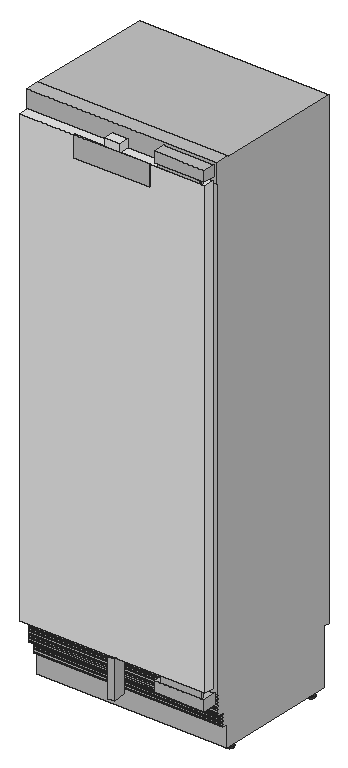
Revit family "FP_Revit_18_RS7621FRJK1_Freezer_90001113A", category Specialty Equipment, Revit 2018
Family settings
  Round Connector Dimension = Use Diameter
  Part Type = Normal
  OmniClass Number = 23.40.40.11.11
  OmniClass Title = Refrigerators and Freezers
  Work Plane-Based = No
  Always vertical = Yes
  Cut with Voids When Loaded = Yes
  Shared = No
  Room Calculation Point = No
Parameters (values of type "RS7621FRK1")
  Visibility - Water Connection = yes
  Visibility - Visibility Control Note = yes
  Visibility - Clearance Required = yes
  URL = "www.fisherpaykel.com"
  Stainless Steel Door Panels (RD7621R10D) = no
  Product - Width = 756 mm  # constant formula
  Product - Height = 2134 mm  # constant formula
  Product - Depth (exl front panel) = 610 mm  # constant formula
  Model = "RS7621FRK1"
  Material - Handle = Fisher & Paykel - Aluminium
  Material - Door Structure = Fisher & Paykel - White
  Material - Door Front = Fisher & Paykel - Stainless Steel
  Material - Body = Fisher & Paykel - Grey
  Manufacturer = "Fisher & Paykel Appliances"
  Handle Style - Contemporary Square (AHD3-RD21) = no
  Handle Style - Contemporary Round (AHS-RD21) = no
  Description = "76cm Integrated Column Freezer, stainless steel interior"
  Connector Description - Water = "Water Supply not required"
  Connector Description - Electrical = "230 V,10 A fused electrical supply"
  Cavity - Width = 762 mm  # constant formula
  Cavity - Height = 2134 mm  # constant formula
  Cavity - Depth = 650 mm  # constant formula
Types (4, lengths in mm): name | Model | Description | Connector Description - Water
  (no name) | "RS7621FRK1" | "76cm Integrated Column Freezer, stainless steel interior" | "Water Supply not required"
  RS7621FRJK1 | "RS7621FRJK1" | "76cm Integrated Column Freezer with internal ice maker, stainless steel interior" | "1/2 BSP Stainless steel braided hose"
  RS7621FRK1 | "RS7621FRK1" | "76cm Integrated Column Freezer, stainless steel interior" | "Water Supply not required"
  RS7621FRJ1 | "RS7621FRJ1" | "76cm Integrated Column Freezer with internal ice maker, white interior" | "1/2 BSP Stainless steel braided hose"
Reference planes
  plane 1 "Datum": y = 0
  plane 2: z = 0
  plane 3 "Center (Left/Right)": x = 0
  plane 4 "Product LHS": x = -378
  plane 5 "Product RHS": x = 378
  plane 6 "Product - Depth": y = 610
  plane 7 "Cavity LHS": x = -381
  plane 8 "Cavity RHS": x = 381
  plane 9 "Cavity - Depth": y = 628
  plane 10 "Handle Offset": x = -315
  plane 11 "Product Height": z = 2134
  plane 12 "Cavity Height": z = 2134
  plane 13 "Door Panel Datum": y = -4.1
Forms (mm)
  Extrusion 1, solid, material "Fisher & Paykel - Grey" <- "Material - Body", detail levels fine
    sketch origin (0, 0, 0) x (0, 1, 0) y (0, 0, 1)
      loop
        line (100.1, 19.1) -> (587.9, 19.1) -> (587.9, 239.7) -> (610, 239.7) -> (610, 2131.9) -> (105.1, 2131.9) -> (105.1, 2134) -> (49.9, 2134) -> (49.9, 2059) -> (56, 2059) -> (56, 228.6) -> (59.5, 228.6) -> (59.5, 219.7) -> (56.5, 219.7) -> (56.5, 215.9) -> (59.5, 215.9) -> (59.5, 207) -> (56.5, 207) -> (56.5, 203.2) -> (59.5, 203.2) -> (59.5, 194.3) -> (56.5, 194.3) -> (56.5, 190.5) -> (59.5, 190.5) -> (59.5, 181.6) -> (56.5, 181.6) -> (56.5, 177.8) -> (59.5, 177.8) -> (59.5, 168.9) -> (56.5, 168.9) -> (56.5, 165.1) -> (59.5, 165.1) -> (59.5, 156.2) -> (56.5, 156.2) -> (56.5, 152.4) -> (84.1, 152.4) -> (84.1, 143.5) -> (81.1, 143.5) -> (81.1, 139.7) -> (84.1, 139.7) -> (84.1, 130.8) -> (81.1, 130.8) -> (81.1, 127) -> (84.1, 127) -> (84.1, 118.1) -> (81.1, 118.1) -> (81.1, 114.3) -> (84.1, 114.3) -> (84.1, 105.4) -> (81.1, 105.4) -> (81.1, 101.6) -> (100.1, 101.6) -> (100.1, 19.1)
    from -378 to 378
  Extrusion 2, solid, material "Fisher & Paykel - Black"
    sketch origin (0, 0, 0) x (1, 0, 0) y (0, 1, 0)
      loop
        circle (-357.5, 547.8) r 4.1
      loop
        circle (-357.5, 141.8) r 4.1
      loop
        circle (357.5, 547.8) r 4.1
      loop
        circle (357.5, 141.8) r 4.1
    from 3 to 19.1
  Extrusion 3, solid, material "Fisher & Paykel - Black"
    sketch origin (0, 0, 0) x (1, 0, 0) y (0, 1, 0)
      loop
        circle (-357.5, 547.8) r 14.5
      loop
        circle (-357.5, 141.8) r 14.555
      loop
        circle (357.5, 547.8) r 14.5
      loop
        circle (357.5, 141.8) r 14.555
    from 0 to 3
  Extrusion 4, solid, material "Fisher & Paykel - Grey" <- "Material - Body", detail levels fine
    sketch origin (0, 0, 0) x (1, 0, 0) y (0, 1, 0)
      loop
        line (-7.5, 49) -> (-13.797, -4.1) -> (13.797, -4.1) -> (7.5, 49) -> (-7.5, 49)
    from 104.2 to 254.2
  Extrusion 5, solid, material "Fisher & Paykel - Grey" <- "Material - Body", detail levels fine
    sketch origin (0, 0, 0) x (1, 0, 0) y (0, 0, 1)
      loop
        line (366.4, 2123.15) -> (168.42, 2123.15) -> (168.42, 2081.05) -> (366.4, 2081.05) -> (366.4, 2123.15)
    from -49 to -2.5
  Extrusion 6, solid, material "Fisher & Paykel - Grey" <- "Material - Body", detail levels fine
    sketch origin (0, 0, 0) x (0, 1, 0) y (0, 0, 1)
      loop
        line (0, 2070.6) -> (0, 1988.6) -> (2, 1988.6) -> (2, 2068.6) -> (4, 2068.6) -> (4, 2070.6) -> (0, 2070.6)
    from -150 to 150
  Extrusion 7, solid, material "Fisher & Paykel - Black"
    sketch origin (0, 0, 0) x (1, 0, 0) y (0, 0, 1)
      loop
        circle (303, 119.813) r 5
      loop
        circle (-303, 119.813) r 5
    from -590 to -587.9
  Extrusion 8, solid, material "Fisher & Paykel - White" <- "Material - Door Structure"
    sketch origin (0, 0, 0) x (1, 0, 0) y (0, 1, 0)
      loop
        line (-353, 56) -> (-353, 42) -> (353, 42) -> (353, 56) -> (-353, 56)
    from 269.6 to 2030.7
  Extrusion 9, solid, material "Fisher & Paykel - White" <- "Material - Door Structure"
    sketch origin (0, 0, 0) x (1, 0, 0) y (0, 1, 0)
      loop
        line (-369.4, 42) -> (-369.4, 3) -> (369.4, 3) -> (369.4, 42) -> (-369.4, 42)
    from 254.2 to 2068.6
  Extrusion 10, solid, material "Fisher & Paykel - White" <- "Material - Door Structure", detail levels fine
    sketch origin (0, 0, 0) x (1, 0, 0) y (0, 0, 1)
      loop
        line (-29.5, 2100.1) -> (-29.5, 2068.6) -> (29.5, 2068.6) -> (29.5, 2100.1) -> (-29.5, 2100.1)
    from -42 to -3
  Extrusion 11, solid, material "Fisher & Paykel - Stainless Steel" <- "Material - Door Front", visible <- "Stainless Steel Door Panels (RD7621R10D)"
    sketch origin (0, 0, 0) x (0, 1, 0) y (0, 0, 1)
      loop
        line (-22.1, 2130.8) -> (-22.1, 102) -> (-4.1, 102) -> (-4.1, 2130.8) -> (-22.1, 2130.8)
    from -378 to 378
  Extrusion 12, solid, material "Fisher & Paykel - Grey" <- "Material - Body", detail levels coarse+medium
    sketch origin (0, 0, 0) x (0, 1, 0) y (0, 0, 1)
      loop
        line (49.9, 2134) -> (49.9, 2059) -> (56, 2059) -> (56, 152.4) -> (81.1, 152.4) -> (81.1, 101.6) -> (100.1, 101.6) -> (100.1, 19.1) -> (587.9, 19.1) -> (587.9, 239.7) -> (610, 239.7) -> (610, 2134) -> (49.9, 2134)
    from -378 to 378
  Extrusion 13, solid, material "Fisher & Paykel - Grey" <- "Material - Body", detail levels fine
    sketch origin (0, 0, 0) x (1, 0, 0) y (0, 0, 1)
      loop
        line (366.4, 187.65) -> (366.4, 229.75) -> (168.42, 229.75) -> (168.42, 187.65) -> (366.4, 187.65)
    from -56 to -2.5
  Extrusion 14, solid, material "Fisher & Paykel - Black", detail levels fine
    sketch origin (0, 0, -4) x (0, 1, 0) y (0, 0, 1)
      loop
        arc (163.888, 23.1) -> (180.4, 13.63) -> (196.912, 23.1) r 19.13
        line (196.912, 23.1) -> (163.888, 23.1)
      loop
        arc (493.888, 23.1) -> (510.4, 13.63) -> (526.912, 23.1) r 19.13
        line (526.912, 23.1) -> (493.888, 23.1)
    from 191 to 219
  Extrusion 15, solid, material "Fisher & Paykel - Black", detail levels fine
    sketch origin (0, 0, -4) x (0, 1, 0) y (0, 0, -1)
      loop
        line (163.888, -23.1) -> (196.912, -23.1)
        arc (196.912, -23.1) -> (180.4, -13.63) -> (163.888, -23.1) r 19.13
      loop
        line (493.888, -23.1) -> (526.912, -23.1)
        arc (526.912, -23.1) -> (510.4, -13.63) -> (493.888, -23.1) r 19.13
    from 191 to 219
  Extrusion 16, solid, material "Fisher & Paykel - Clearance Required", visible <- "Visibility - Clearance Required", detail levels coarse
    sketch origin (0, 0, 0) x (1, 0, 0) y (0, 1, 0)
      loop
        line (-381, 628) -> (-381, -4.1) -> (381, -4.1) -> (381, 628) -> (-381, 628)
    from 0 to 2134
  Extrusion 17, void
    sketch origin (0, 0, 0) x (1, 0, 0) y (0, 1, 0)
      loop
        line (-381, 628) -> (-381, -22.1) -> (381, -22.1) -> (381, 628) -> (-381, 628)
    from 0 to 2134
  Extrusion 18, solid, material "Fisher & Paykel - Grey" <- "Material - Body", detail levels fine
    sketch origin (73, 0, 0) x (1, 0, 0) y (0, 0, 1)
      loop
        line (118.4, 254.2) -> (118.4, 229.75) -> (282.9, 229.75) -> (282.9, 254.2) -> (118.4, 254.2)
      loop
        line (106, 2081.05) -> (106, 2068.6) -> (282.9, 2068.6) -> (282.9, 2076.05) -> (242.9, 2081.05) -> (106, 2081.05)
    from -7 to -4
  Extrusion 19, solid, material "Fisher & Paykel - Clearance Required", visible <- "Visibility - Clearance Required", detail levels coarse
    sketch origin (0, 0, 0) x (1, 0, 0) y (0, 1, 0)
      loop
        line (-328.5, -22) -> (-377.998, -22)
        arc (-377.998, -22) -> (-22.041, -691.901) -> (734.607, -746.265) r 783.526
        line (734.607, -746.265) -> (712.602, -698.95) -> (738.875, -686.699)
        arc (738.875, -686.699) -> (747.815, -662.137) -> (723.253, -653.197) r 18.483
        line (723.253, -653.197) -> (697.006, -665.395) -> (415.929, -60.595)
        arc (415.929, -60.595) -> (380.987, -57.006) -> (378.07, -22) r 27.504
        line (378.07, -22) -> (-328.5, -22)
    from 0 to 2134
Lines and regions (mm)
  model lines, style "Fisher & Paykel"
    curve 1: line (-378, -4.1, 2130.8) -> (378, -4.1, 2130.8)
    curve 2: line (-378, -4.1, 102) -> (-378, -4.1, 2130.8)
    curve 3: line (378, -4.1, 102) -> (-378, -4.1, 102)
    curve 4: line (378, -4.1, 2130.8) -> (378, -4.1, 102)
Text (mm)
  text "Due to ongoing product development, product details are subject to change without notice. \nPlease always refer to www.fisherpaykel.com for the most current product information. \n© Fisher & Paykel 2020" at (41.04, -848.295, 0), in view "Ref. Level (Plan)"
Dimensions and locks
  equal spacing: plane 4 "Product LHS", plane 3 "Center (Left/Right)", plane 5 "Product RHS"
  "Product - Width": plane 4 "Product LHS" to plane 5 "Product RHS"
  "Product - Depth (exl front panel)": plane 1 "Datum" to plane 6 "Product - Depth"
  equal spacing: plane 7 "Cavity LHS", plane 3 "Center (Left/Right)", plane 8 "Cavity RHS"
  "Cavity - Width": plane 7 "Cavity LHS" to plane 8 "Cavity RHS"
  plane 4 "Product LHS" to Extrusion 2 sketch curve = 24.6 mm
  Extrusion 7 sketch curve to Extrusion 1 = 119.887 mm  (x2)
  Extrusion 7 sketch curve to plane 5 "Product RHS" = 75 mm
  plane 4 "Product LHS" to Extrusion 7 sketch curve = 75 mm
  Extrusion 1 sketch curve to Extrusion 1 sketch curve = 82.5 mm
  Extrusion 1 sketch curve to Extrusion 1 sketch curve = 209.5 mm
  Extrusion 1 sketch curve to Extrusion 1 sketch curve = 220.6 mm
  Extrusion 3 to level = 3 mm
  Extrusion 12 to Extrusion 9 = 235.1 mm
  Extrusion 12 to Extrusion 8 = 250.5 mm
  Extrusion 12 to Extrusion 12 = 2114.9 mm
  Extrusion 12 to Extrusion 11 = 82.9 mm
  "Product - Height": level to plane 11 "Product Height"
  plane 11 "Product Height" to Extrusion 11 = 3.2 mm
  Extrusion 9 to plane 11 "Product Height" = 65.4 mm
  Extrusion 8 to plane 11 "Product Height" = 103.3 mm
  Extrusion 12 sketch curve to plane 11 "Product Height" = 75 mm
  Extrusion 1 sketch curve to plane 11 "Product Height" = 2.1 mm
  Extrusion 1 sketch curve to plane 11 "Product Height" = 75 mm
  "Cavity - Height": plane 12 "Cavity Height" to level
  plane 1 "Datum" to Extrusion 16 = 628 mm
  plane 1 "Datum" to Extrusion 17 = 628 mm
  Extrusion 18 sketch curve to Extrusion 18 sketch curve = 40 mm
  Extrusion 18 sketch curve to plane 3 "Center (Left/Right)" = 179 mm
  Extrusion 18 sketch curve to Extrusion 18 sketch curve = 176.9 mm
  Extrusion 18 sketch curve to plane 3 "Center (Left/Right)" = 191.4 mm
  plane 3 "Center (Left/Right)" to Extrusion 18 sketch curve = 355.9 mm
  "Cavity - Depth": Extrusion 17 to Extrusion 19
  Extrusion 19 to plane 1 "Datum" = 22 mm
  radius of Extrusion 7 sketch curve = 5 mm
  aligned and locked: level to plane 2
  aligned and locked: Extrusion 11 to plane 5 "Product RHS"
  aligned and locked: plane 4 "Product LHS" to Extrusion 11
  aligned and locked: Extrusion 12 to plane 5 "Product RHS"
  aligned and locked: Extrusion 12 to plane 4 "Product LHS"
  aligned and locked: Extrusion 12 sketch curve to plane 11 "Product Height"
  aligned and locked: plane 11 "Product Height" to Extrusion 1 sketch curve
  aligned and locked: Extrusion 14 sketch curve to Extrusion 14 sketch curve
  aligned and locked: Extrusion 15 sketch curve to Extrusion 15 sketch curve
  aligned and locked: Extrusion 1 to plane 5 "Product RHS"
  aligned and locked: plane 4 "Product LHS" to Extrusion 1
  aligned and locked: Extrusion 12 sketch curve to Extrusion 1  (x4)
  aligned and locked: Extrusion 2 to Extrusion 1
  aligned and locked: nested 2 to plane 10 "Handle Offset"
  aligned and locked: nested 3 to plane 10 "Handle Offset"
Automatic sketch dimensions
  plane 1 "Datum" to Extrusion 4 sketch curve = 4.1 mm
  Extrusion 4 sketch curve to plane 3 "Center (Left/Right)" = 13.797 mm
  Extrusion 4 sketch curve to plane 3 "Center (Left/Right)" = 7.5 mm
  plane 3 "Center (Left/Right)" to Extrusion 4 sketch curve = 7.5 mm
  plane 3 "Center (Left/Right)" to Extrusion 4 sketch curve = 13.797 mm
  Extrusion 4 sketch curve to plane 1 "Datum" = 49 mm
  Extrusion 6 sketch curve to plane 1 "Datum" = 0 mm
  Extrusion 6 sketch curve to plane 1 "Datum" = 2 mm
  Extrusion 6 sketch curve to Extrusion 6 sketch curve = 2 mm  (x2)
  plane 11 "Product Height" to Extrusion 6 sketch curve = 145.4 mm
  plane 11 "Product Height" to Extrusion 6 sketch curve = 65.4 mm
  Extrusion 10 sketch curve to plane 3 "Center (Left/Right)" = 29.5 mm
  plane 3 "Center (Left/Right)" to Extrusion 10 sketch curve = 29.5 mm
  plane 11 "Product Height" to Extrusion 10 sketch curve = 65.4 mm
  Extrusion 10 sketch curve to Extrusion 10 sketch curve = 31.5 mm
  Extrusion 16 sketch curve to plane 7 "Cavity LHS" = 0 mm
  Extrusion 16 sketch curve to plane 8 "Cavity RHS" = 0 mm
  Extrusion 16 sketch curve to plane 9 "Cavity - Depth" = 0 mm
  plane 1 "Datum" to Extrusion 16 sketch curve = 4.1 mm
  Extrusion 17 sketch curve to plane 7 "Cavity LHS" = 0 mm
  Extrusion 17 sketch curve to plane 8 "Cavity RHS" = 0 mm
  plane 9 "Cavity - Depth" to Extrusion 17 sketch curve = 0 mm
  plane 1 "Datum" to Extrusion 17 sketch curve = 22.1 mm
  Extrusion 1 sketch curve to plane 6 "Product - Depth" = 0 mm
  Extrusion 1 sketch curve to Extrusion 1 sketch curve = 22.1 mm
  Extrusion 1 sketch curve to plane 1 "Datum" = 105.1 mm
  level to Extrusion 1 sketch curve = 19.1 mm
  Extrusion 1 sketch curve to plane 1 "Datum" = 100.1 mm
  Extrusion 1 sketch curve to Extrusion 1 sketch curve = 16 mm
  Extrusion 1 sketch curve to Extrusion 1 sketch curve = 0 mm  (x8)
  Extrusion 1 sketch curve to Extrusion 1 sketch curve = 3 mm  (x10)
  Extrusion 1 sketch curve to plane 1 "Datum" = 59.5 mm
  Extrusion 1 sketch curve to plane 1 "Datum" = 56 mm
  Extrusion 1 sketch curve to plane 1 "Datum" = 49.9 mm
  Extrusion 1 sketch curve to Extrusion 1 sketch curve = 3.8 mm  (x10)
  Extrusion 1 sketch curve to Extrusion 1 sketch curve = 8.9 mm  (x9)
  Extrusion 2 sketch curve to plane 4 "Product LHS" = 20.5 mm  (x2)
  plane 5 "Product RHS" to Extrusion 2 sketch curve = 20.5 mm  (x2)
  Extrusion 2 sketch curve to plane 1 "Datum" = 141.8 mm  (x2)
  Extrusion 2 sketch curve to plane 6 "Product - Depth" = 62.2 mm  (x2)
  Extrusion 3 sketch curve to plane 4 "Product LHS" = 20.5 mm  (x2)
  plane 5 "Product RHS" to Extrusion 3 sketch curve = 20.5 mm  (x2)
  Extrusion 3 sketch curve to plane 1 "Datum" = 141.8 mm  (x2)
  Extrusion 3 sketch curve to plane 6 "Product - Depth" = 62.2 mm  (x2)
  plane 11 "Product Height" to Extrusion 5 sketch curve = 10.85 mm
  Extrusion 5 sketch curve to plane 7 "Cavity LHS" = 549.42 mm
  plane 5 "Product RHS" to Extrusion 5 sketch curve = 11.6 mm
  Extrusion 5 sketch curve to Extrusion 5 sketch curve = 42.1 mm
  Extrusion 8 sketch curve to plane 4 "Product LHS" = 25 mm
  plane 5 "Product RHS" to Extrusion 8 sketch curve = 25 mm
  Extrusion 8 sketch curve to plane 1 "Datum" = 42 mm
  Extrusion 8 sketch curve to Extrusion 8 sketch curve = 14 mm
  Extrusion 9 sketch curve to plane 1 "Datum" = 3 mm
  Extrusion 9 sketch curve to plane 4 "Product LHS" = 8.6 mm
  plane 5 "Product RHS" to Extrusion 9 sketch curve = 8.6 mm
  Extrusion 9 sketch curve to Extrusion 9 sketch curve = 39 mm
  plane 1 "Datum" to Extrusion 11 sketch curve = 22.1 mm
  plane 1 "Datum" to Extrusion 11 sketch curve = 4.1 mm
  level to Extrusion 11 sketch curve = 102 mm
  plane 11 "Product Height" to Extrusion 11 sketch curve = 3.2 mm
  Extrusion 12 sketch curve to plane 6 "Product - Depth" = 0 mm
  Extrusion 12 sketch curve to plane 6 "Product - Depth" = 22.1 mm
  Extrusion 12 sketch curve to plane 1 "Datum" = 100.1 mm
  Extrusion 12 sketch curve to Extrusion 12 sketch curve = 19 mm
  Extrusion 12 sketch curve to plane 1 "Datum" = 56 mm
  Extrusion 12 sketch curve to plane 1 "Datum" = 49.9 mm
  Extrusion 12 sketch curve to Extrusion 12 sketch curve = 50.8 mm
  Extrusion 13 sketch curve to plane 7 "Cavity LHS" = 549.42 mm
  plane 5 "Product RHS" to Extrusion 13 sketch curve = 11.6 mm
  level to Extrusion 13 sketch curve = 187.65 mm
  Extrusion 13 sketch curve to Extrusion 13 sketch curve = 42.1 mm
  level to Extrusion 14 sketch curve = 19.1 mm
  Extrusion 14 sketch curve to plane 1 "Datum" = 163.888 mm
  Extrusion 14 sketch curve to Extrusion 14 sketch curve = 16.512 mm  (x2)
  Extrusion 14 sketch curve to plane 6 "Product - Depth" = 116.112 mm
  Extrusion 14 sketch curve to Extrusion 14 sketch curve = 9.66 mm  (x2)
  level to Extrusion 15 sketch curve = 19.1 mm
  Extrusion 15 sketch curve to plane 1 "Datum" = 163.888 mm
  Extrusion 15 sketch curve to Extrusion 15 sketch curve = 16.512 mm  (x2)
  Extrusion 15 sketch curve to plane 6 "Product - Depth" = 116.112 mm
  Extrusion 15 sketch curve to Extrusion 15 sketch curve = 9.66 mm  (x2)
  level to Extrusion 18 sketch curve = 229.75 mm
  Extrusion 18 sketch curve to Extrusion 18 sketch curve = 24.45 mm
  plane 11 "Product Height" to Extrusion 18 sketch curve = 65.4 mm
  Extrusion 18 sketch curve to Extrusion 18 sketch curve = 7.45 mm
  Extrusion 18 sketch curve to Extrusion 18 sketch curve = 5 mm
  Extrusion 19 sketch curve to plane 4 "Product LHS" = 0.002 mm
  plane 10 "Handle Offset" to Extrusion 19 sketch curve = 13.5 mm
  Extrusion 19 sketch curve to plane 5 "Product RHS" = 0.07 mm
  Extrusion 19 sketch curve to plane 8 "Cavity RHS" = 19.621 mm
  Extrusion 19 sketch curve to Extrusion 19 sketch curve = 4.795 mm
  Extrusion 19 sketch curve to Extrusion 19 sketch curve = 10.514 mm
  Extrusion 19 sketch curve to plane 8 "Cavity RHS" = 316.006 mm
  Extrusion 19 sketch curve to Extrusion 19 sketch curve = 15.596 mm
  Extrusion 19 sketch curve to Extrusion 19 sketch curve = 26.247 mm
  Extrusion 19 sketch curve to Extrusion 19 sketch curve = 7.811 mm  (x2)
  Extrusion 19 sketch curve to Extrusion 19 sketch curve = 22.005 mm
  plane 1 "Datum" to Extrusion 19 sketch curve = 746.265 mm
  Extrusion 19 sketch curve to Extrusion 19 sketch curve = 47.315 mm
  Extrusion 19 sketch curve to Extrusion 19 sketch curve = 12.251 mm
  Extrusion 19 sketch curve to Extrusion 19 sketch curve = 16.751 mm
  Extrusion 19 sketch curve to Extrusion 19 sketch curve = 12.198 mm
  Extrusion 19 sketch curve to Extrusion 19 sketch curve = 22.85 mm
  plane 5 "Product RHS" to curve 1 = 0 mm
  plane 4 "Product LHS" to curve 3 = 0 mm
  level to curve 3 = 102 mm
  plane 11 "Product Height" to curve 2 = 3.2 mm
  radius of Extrusion 2 sketch curve = 4.1 mm  (x3)
  radius of Extrusion 3 sketch curve = 14.5 mm  (x2)
  radius of Extrusion 3 sketch curve = 14.555 mm  (x2)
  radius of Extrusion 7 sketch curve = 5 mm
Nested families
  nested 1: "Visibility Control Note 18" at (0, 0, 0), visible <- "Visibility - Visibility Control Note", type "Visibility Control Note 18"
  nested 2: "Handle Contemporary Round - Vertical" at (-315, -22.1, 1242.58), visible <- "Handle Style - Contemporary Round (AHS-RD21)", type "AHS-RD21 - Contemporary round handle (Vertical) 852mm"
  nested 3: "Handle Contemporary Square - Vertical" at (-315, -22.1, 1242.58), visible <- "Handle Style - Contemporary Square (AHD3-RD21)", type "AHD3-RD21 - Contemporary square handle (Vertical) 852mm"
Connectors
  electrical at (-303, 590, 119.813), driven by "Connector Description - Electrical"
    settings: on Extrusion 7, index 1, voltage 230 V, apparent load 0 VA, apparent load phase1 0 VA, apparent load phase2 0 VA, apparent load phase3 0 VA, power factor 1, load classification "Other", number of poles 1, system type 30, power factor state 1, is connector primary yes, connector utility no, sub classification motor no, connector description "230 V,10 A fused electrical supply"
  piping at (303, 590, 119.813), diameter 12.7, driven by "Visibility - Water Connection", driven by "Connector Description - Water"
    settings: on Extrusion 7, index 2, connector inside diameter 609.6 mm, connector length 0 mm, flow factor 0, pipe flow 0.0 L/s, pressure drop 0.0 Pa, fitting loss kfactor 0, connector angle 0.00°, fixture units 0, engagement length 0 mm, angle of deflection 0.00°, flow configuration 0, flow direction 1, fitting loss method 0, system type 20, joint type 0, gender type 0, connector reference index -1, connector utility 1, adjustable connector no, is connector primary yes, connector description "Water Supply not required"
Definition of nested family "Handle Contemporary Round - Vertical"
  Parameters (values of type "AHSRS80A - Contemporary round handle (1 of 2) (Vertical) 727mm")
    URL = "www.fisherpaykel.com"
    Material - Handle = none
    Manufacturer = "Fisher & Paykel Appliances"
    Handle - Length = 727 mm
  Types (6, lengths in mm): name | Handle - Length
    AHS-RD21 - Contemporary round handle (Vertical) 852mm | 852
    AHSRD2484W - Contemporary round handle (1 of 2) (Vertical) 727mm | 727
    AHSRD3084W - Contemporary round handle (1 of 2) (Vertical) 727mm | 727
    AHS-RD84 - Contemporary round handle (Vertical) 852mm | 852
    AHSRS3272A - Contemporary round handle (1 of 2) (Vertical) 727mm | 727
    AHSRS80A - Contemporary round handle (1 of 2) (Vertical) 727mm | 727
  Reference planes
    plane 1 "Center (Front/Back)": y = 0
    plane 2: z = 0
    plane 3 "Center (Left/Right)": x = 0
    plane 4 "Top": z = 363.5
    plane 5 "Bottom": z = -363.5
    plane 6 "Top Standoff": z = 243.5
    plane 7 "Bottom Standoff": z = -243.5
  Forms (mm)
    Extrusion 1, solid, material <- "Material - Handle"
      sketch origin (0, 0, 0) x (1, 0, 0) y (0, 1, 0)
        loop
          circle (0, -32.3) r 8.7
      from -243.5 to 243.5
    Extrusion 2, solid, material <- "Material - Handle", detail levels fine
      sketch origin (0, 0, 0) x (1, 0, 0) y (0, 1, 0)
        loop
          line (-8.7, 0) -> (-8.7, -32.3)
          arc (-8.7, -32.3) -> (0, -41) -> (8.7, -32.3) r 8.7
          line (8.7, -32.3) -> (8.7, 0) -> (-8.7, 0)
      from 243.5 to 363.5
    Extrusion 3, solid, material <- "Material - Handle", detail levels fine
      sketch origin (0, 0, 0) x (1, 0, 0) y (0, 1, 0)
        loop
          line (-8.7, 0) -> (-8.7, -32.3)
          arc (-8.7, -32.3) -> (0, -41) -> (8.7, -32.3) r 8.7
          line (8.7, -32.3) -> (8.7, 0) -> (-8.7, 0)
      from -363.5 to -243.5
    Sweep 4, void
      path in 3D
        loop
          line (8.7, 0, -363.5) -> (8.7, -32.3, -363.5)
          arc (8.7, -32.3, -363.5) -> (0, -41, -363.5) -> (-8.7, -32.3, -363.5) r 8.7
          line (-8.7, -32.3, -363.5) -> (-8.7, 0, -363.5)
      profile origin (8.7, -16.15, -363.5) x (-1, 0, 0) y (0, 0, -1)
        loop
          line (0, 0) -> (0, -1) -> (1, 0) -> (0, 0)
    Sweep 5, void
      path in 3D
        loop
          line (-8.7, 0, 363.5) -> (-8.7, -32.3, 363.5)
          arc (-8.7, -32.3, 363.5) -> (0, -41, 363.5) -> (8.7, -32.3, 363.5) r 8.7
          line (8.7, -32.3, 363.5) -> (8.7, 0, 363.5)
      profile origin (8.7, -16.15, 363.5) x (-1, 0, 0) y (0, 0, 1)
        loop
          line (0, 0) -> (0, -1) -> (1, 0) -> (0, 0)
    Extrusion 6, solid, material <- "Material - Handle", detail levels coarse+medium
      sketch origin (0, 0, 0) x (1, 0, 0) y (0, 1, 0)
        loop
          line (-8.7, 0) -> (-8.7, -32.3)
          arc (-8.7, -32.3) -> (0, -41) -> (8.7, -32.3) r 8.7
          line (8.7, -32.3) -> (8.7, 0) -> (-8.7, 0)
      from 243.5 to 363.5
    Extrusion 7, solid, material <- "Material - Handle", detail levels coarse+medium
      sketch origin (0, 0, 0) x (1, 0, 0) y (0, 1, 0)
        loop
          line (-8.7, 0) -> (-8.7, -32.3)
          arc (-8.7, -32.3) -> (0, -41) -> (8.7, -32.3) r 8.7
          line (8.7, -32.3) -> (8.7, 0) -> (-8.7, 0)
      from -363.5 to -243.5
  Cuts and joins
    Sweep 4 cuts Extrusion 3
    Sweep 5 cuts Extrusion 2
  Lines and regions (mm)
    sketch lines
      curve 1: line (8.7, 0, -363.5) -> (8.7, -32.3, -363.5)
      curve 2: arc (-8.7, -32.3, -363.5) -> (0, -41, -363.5) -> (8.7, -32.3, -363.5) r 8.7
      curve 3: line (-8.7, -32.3, -363.5) -> (-8.7, 0, -363.5)
      curve 4: line (8.7, -32.3, 363.5) -> (8.7, 0, 363.5)
      curve 5: arc (8.7, -32.3, 363.5) -> (0, -41, 363.5) -> (-8.7, -32.3, 363.5) r 8.7
      curve 6: line (-8.7, 0, 363.5) -> (-8.7, -32.3, 363.5)
  Dimensions and locks
    equal spacing: plane 4 "Top", level, plane 5 "Bottom"
    "Handle - Length": plane 4 "Top" to plane 5 "Bottom"
    locked: plane 4 "Top" to plane 6 "Top Standoff" at 120
    locked: plane 7 "Bottom Standoff" to plane 5 "Bottom" at 120
    Extrusion 2 sketch curve to Extrusion 2 sketch curve = 17.4 mm
    Extrusion 3 sketch curve to Extrusion 3 sketch curve = 17.4 mm
    Extrusion 6 sketch curve to Extrusion 6 sketch curve = 17.4 mm
    Extrusion 7 sketch curve to Extrusion 7 sketch curve = 17.4 mm
    aligned and locked: level to plane 2
    aligned and locked: plane 4 "Top" to Extrusion 2
    aligned and locked: Extrusion 3 to plane 5 "Bottom"
    aligned and locked: plane 7 "Bottom Standoff" to Extrusion 3
    aligned and locked: Extrusion 1 to plane 7 "Bottom Standoff"
    aligned and locked: plane 6 "Top Standoff" to Extrusion 1
    aligned and locked: Extrusion 2 to Extrusion 1
    aligned and locked: Extrusion 6 to Extrusion 1
    aligned and locked: plane 4 "Top" to Extrusion 6
    aligned and locked: Extrusion 7 to Extrusion 1
    aligned and locked: Extrusion 7 to plane 5 "Bottom"
  Automatic sketch dimensions
    Extrusion 1 sketch curve to plane 3 "Center (Left/Right)" = 0 mm
    plane 1 "Center (Front/Back)" to Extrusion 1 sketch curve = 32.3 mm
    plane 1 "Center (Front/Back)" to Extrusion 2 sketch curve = 0 mm
    Extrusion 2 sketch curve to plane 3 "Center (Left/Right)" = 0 mm
    Extrusion 2 sketch curve to plane 3 "Center (Left/Right)" = 8.7 mm
    plane 1 "Center (Front/Back)" to Extrusion 2 sketch curve = 32.3 mm
    plane 1 "Center (Front/Back)" to Extrusion 3 sketch curve = 0 mm
    Extrusion 3 sketch curve to plane 3 "Center (Left/Right)" = 0 mm
    Extrusion 3 sketch curve to plane 3 "Center (Left/Right)" = 8.7 mm
    plane 1 "Center (Front/Back)" to Extrusion 3 sketch curve = 32.3 mm
    Sweep 4 sketch curve to profile plane = 0 mm  (x2)
    Sweep 4 sketch curve to profile plane = 1 mm  (x2)
    Sweep 5 sketch curve to profile plane = 0 mm  (x2)
    Sweep 5 sketch curve to profile plane = 1 mm  (x2)
    Extrusion 6 sketch curve to plane 3 "Center (Left/Right)" = 0 mm
    Extrusion 6 sketch curve to plane 3 "Center (Left/Right)" = 8.7 mm
    plane 1 "Center (Front/Back)" to Extrusion 6 sketch curve = 32.3 mm
    Extrusion 6 sketch curve to Extrusion 6 sketch curve = 32.3 mm
    Extrusion 7 sketch curve to plane 3 "Center (Left/Right)" = 0 mm
    Extrusion 7 sketch curve to plane 3 "Center (Left/Right)" = 8.7 mm
    plane 1 "Center (Front/Back)" to Extrusion 7 sketch curve = 32.3 mm
    Extrusion 7 sketch curve to Extrusion 7 sketch curve = 32.3 mm
    radius of Extrusion 1 sketch curve = 8.7 mm
Definition of nested family "Handle Contemporary Square - Vertical"
  Parameters (values of type "AHD3RS80A - Contemporary square handle (1 of 2) (Vertical) 727mm")
    URL = "www.fisherpaykel.com"
    Material - Handle = none
    Manufacturer = "Fisher & Paykel Appliances"
    Handle - Length = 727 mm
  Types (7, lengths in mm): name | Handle - Length
    (no name) | 727
    AHD3-RD21 - Contemporary square handle (Vertical) 852mm | 852
    AHD3RD2484W - Contemporary square handle (1 of 2) (Vertical) 727mm | 727
    AHD3RD3084W - Contemporary square handle (1 of 2) (Vertical) 727mm | 727
    AHD3-RD84 - Contemporary square handle (Vertical) 852mm | 852
    AHD3RS3272A - Contemporary square handle (1 of 2) (Vertical) 727mm | 727
    AHD3RS80A - Contemporary square handle (1 of 2) (Vertical) 727mm | 727
  Reference planes
    plane 1 "Center (Front/Back)": y = 0
    plane 2: z = 0
    plane 3 "Center (Left/Right)": x = 0
    plane 4 "Top": z = 363.5
    plane 5 "Bottom": z = -363.5
    plane 6 "Top Standoff": z = 243.5
    plane 7 "Bottom Standoff": z = -243.5
  Forms (mm)
    Extrusion 1, solid, material <- "Material - Handle", detail levels fine
      sketch origin (0, 0, 0) x (1, 0, 0) y (0, 1, 0)
        loop
          arc (-7.583, -28.701) -> (-7.89, -29.057) -> (-8, -29.514) r 1
          line (-8, -29.514) -> (-8, -40.5)
          arc (-8, -40.5) -> (-7.561, -41.561) -> (-6.5, -42) r 1.5
          line (-6.5, -42) -> (6.5, -42)
          arc (6.5, -42) -> (7.561, -41.561) -> (8, -40.5) r 1.5
          line (8, -40.5) -> (8, -29.487)
          arc (8, -29.487) -> (7.889, -29.029) -> (7.58, -28.673) r 1
          arc (7.58, -28.673) -> (-0.006, -26.256) -> (-7.583, -28.701) r 13.038
      from -363.5 to 363.5
    Extrusion 2, solid, material <- "Material - Handle", detail levels fine
      sketch origin (0, 0, 0) x (1, 0, 0) y (0, 1, 0)
        loop
          arc (7.058, -28.23) -> (7.466, -28.244) -> (7.674, -27.893) r 0.4
          line (7.674, -27.893) -> (7.674, 0) -> (-7.674, 0) -> (-7.674, -27.86)
          arc (-7.674, -27.86) -> (-7.467, -28.21) -> (-7.06, -28.198) r 0.4
          arc (-7.06, -28.198) -> (0.004, -26.156) -> (7.058, -28.23) r 13.136
      from 243.5 to 363.5
    Extrusion 3, solid, material <- "Material - Handle", detail levels fine
      sketch origin (0, 0, 0) x (1, 0, 0) y (0, 1, 0)
        loop
          arc (7.058, -28.23) -> (7.466, -28.244) -> (7.674, -27.893) r 0.4
          line (7.674, -27.893) -> (7.674, 0) -> (-7.674, 0) -> (-7.674, -27.86)
          arc (-7.674, -27.86) -> (-7.467, -28.21) -> (-7.06, -28.198) r 0.4
          arc (-7.06, -28.198) -> (0.004, -26.156) -> (7.058, -28.23) r 13.136
      from -363.5 to -243.5
    Sweep 4, void
      path in 3D
        loop
          line (-8, -29.514, 363.5) -> (-8, -40.5, 363.5)
          arc (-8, -40.5, 363.5) -> (-7.561, -41.561, 363.5) -> (-6.5, -42, 363.5) r 1.5
          line (-6.5, -42, 363.5) -> (6.5, -42, 363.5)
          arc (6.5, -42, 363.5) -> (7.561, -41.561, 363.5) -> (8, -40.5, 363.5) r 1.5
          line (8, -40.5, 363.5) -> (8, -29.487, 363.5)
      profile origin (8, -34.994, 363.5) x (-1, 0, 0) y (0, 0, 1)
        loop
          line (0, 0) -> (0, -1.3) -> (1.3, 0) -> (0, 0)
    Sweep 5, void
      path in 3D
        loop
          line (8, -29.487, -363.5) -> (8, -40.5, -363.5)
          arc (8, -40.5, -363.5) -> (7.561, -41.561, -363.5) -> (6.5, -42, -363.5) r 1.5
          line (6.5, -42, -363.5) -> (-6.5, -42, -363.5)
          arc (-6.5, -42, -363.5) -> (-7.561, -41.561, -363.5) -> (-8, -40.5, -363.5) r 1.5
          line (-8, -40.5, -363.5) -> (-8, -29.514, -363.5)
      profile origin (8, -34.994, -363.5) x (-1, 0, 0) y (0, 0, -1)
        loop
          line (0, 0) -> (0, -1.3) -> (1.3, 0) -> (0, 0)
    Extrusion 6, void
      sketch origin (0, 0, 0) x (1, 0, 0) y (0, 0, 1)
        loop
          line (-8, -362.2) -> (-8, -363.5) -> (-6.7, -363.5) -> (-8, -362.2)
        loop
          line (8, -362.2) -> (6.7, -363.5) -> (8, -363.5) -> (8, -362.2)
      from 0 to 40
    Extrusion 7, void
      sketch origin (0, 0, 0) x (1, 0, 0) y (0, 0, 1)
        loop
          line (-8, 363.5) -> (-8, 362.2) -> (-6.7, 363.5) -> (-8, 363.5)
        loop
          line (8, 363.5) -> (6.7, 363.5) -> (8, 362.2) -> (8, 363.5)
      from 0 to 40
    Extrusion 8, solid, material <- "Material - Handle", detail levels coarse+medium
      sketch origin (0, 0, 0) x (0, 1, 0) y (0, 0, 1)
        loop
          line (0, 363.5) -> (-42, 363.5) -> (-42, -363.5) -> (0, -363.5) -> (0, -243.5) -> (-26.245, -243.5) -> (-26.245, 243.5) -> (0, 243.5) -> (0, 363.5)
      from -8 to 8
  Cuts and joins
    Sweep 4, Sweep 5, Extrusion 6, Extrusion 7 cuts Extrusion 1
    Extrusion 6 cuts Extrusion 3
    Extrusion 7 cuts Extrusion 2
  Lines and regions (mm)
    sketch lines
      curve 1: line (8, -40.5, 363.5) -> (8, -29.487, 363.5)
      curve 2: arc (8, -40.5, 363.5) -> (7.561, -41.561, 363.5) -> (6.5, -42, 363.5) r 1.5
      curve 3: line (-6.5, -42, 363.5) -> (6.5, -42, 363.5)
      curve 4: arc (-6.5, -42, 363.5) -> (-7.561, -41.561, 363.5) -> (-8, -40.5, 363.5) r 1.5
      curve 5: line (-8, -29.514, 363.5) -> (-8, -40.5, 363.5)
      curve 6: line (8, -29.487, -363.5) -> (8, -40.5, -363.5)
      curve 7: arc (6.5, -42, -363.5) -> (7.561, -41.561, -363.5) -> (8, -40.5, -363.5) r 1.5
      curve 8: line (6.5, -42, -363.5) -> (-6.5, -42, -363.5)
      curve 9: arc (-8, -40.5, -363.5) -> (-7.561, -41.561, -363.5) -> (-6.5, -42, -363.5) r 1.5
      curve 10: line (-8, -40.5, -363.5) -> (-8, -29.514, -363.5)
  Dimensions and locks
    equal spacing: plane 4 "Top", level, plane 5 "Bottom"
    "Handle - Length": plane 4 "Top" to plane 5 "Bottom"
    locked: plane 4 "Top" to plane 6 "Top Standoff" at 120
    locked: plane 7 "Bottom Standoff" to plane 5 "Bottom" at 120
    aligned and locked: level to plane 2
    aligned and locked: plane 4 "Top" to Extrusion 2
    aligned and locked: Extrusion 2 to plane 6 "Top Standoff"
    aligned and locked: plane 4 "Top" to Extrusion 1
    aligned and locked: Extrusion 1 to plane 5 "Bottom"
    aligned and locked: Extrusion 3 to plane 5 "Bottom"
    aligned and locked: plane 7 "Bottom Standoff" to Extrusion 3
    aligned and locked: plane 4 "Top" to Extrusion 8 sketch curve
    aligned and locked: plane 6 "Top Standoff" to Extrusion 8 sketch curve
    aligned and locked: plane 7 "Bottom Standoff" to Extrusion 8 sketch curve
    aligned and locked: plane 5 "Bottom" to Extrusion 8 sketch curve
    aligned and locked: plane 1 "Center (Front/Back)" to Extrusion 8 sketch curve  (x2)
  Automatic sketch dimensions
    Extrusion 1 sketch curve to plane 3 "Center (Left/Right)" = 8 mm
    Extrusion 1 sketch curve to Extrusion 1 sketch curve = 1 mm  (x2)
    Extrusion 1 sketch curve to Extrusion 1 sketch curve = 1.5 mm
    plane 3 "Center (Left/Right)" to Extrusion 1 sketch curve = 0.018 mm
    plane 3 "Center (Left/Right)" to Extrusion 1 sketch curve = 6.5 mm
    plane 3 "Center (Left/Right)" to Extrusion 1 sketch curve = 7 mm
    plane 1 "Center (Front/Back)" to Extrusion 1 sketch curve = 42 mm
    Extrusion 1 sketch curve to Extrusion 1 sketch curve = 1.206 mm
    Extrusion 1 sketch curve to Extrusion 1 sketch curve = 10.986 mm
    Extrusion 1 sketch curve to Extrusion 1 sketch curve = 11.013 mm
    Extrusion 1 sketch curve to Extrusion 1 sketch curve = 0 mm
    plane 1 "Center (Front/Back)" to Extrusion 2 sketch curve = 0 mm
    Extrusion 2 sketch curve to plane 3 "Center (Left/Right)" = 7.674 mm
    Extrusion 2 sketch curve to Extrusion 2 sketch curve = 0.4 mm  (x2)
    Extrusion 2 sketch curve to plane 3 "Center (Left/Right)" = 0.026 mm
    plane 3 "Center (Left/Right)" to Extrusion 2 sketch curve = 7.274 mm
    plane 1 "Center (Front/Back)" to Extrusion 2 sketch curve = 27.86 mm
    Extrusion 2 sketch curve to Extrusion 2 sketch curve = 0.033 mm
    Extrusion 2 sketch curve to Extrusion 2 sketch curve = 11.398 mm
    Extrusion 2 sketch curve to Extrusion 2 sketch curve = 0 mm
    plane 1 "Center (Front/Back)" to Extrusion 3 sketch curve = 0 mm
    Extrusion 3 sketch curve to Extrusion 3 sketch curve = 0.4 mm  (x2)
    Extrusion 3 sketch curve to Extrusion 3 sketch curve = 7.248 mm
    Extrusion 3 sketch curve to Extrusion 3 sketch curve = 7.3 mm
    plane 1 "Center (Front/Back)" to Extrusion 3 sketch curve = 27.86 mm
    Extrusion 3 sketch curve to Extrusion 3 sketch curve = 0.033 mm
    Extrusion 3 sketch curve to Extrusion 3 sketch curve = 11.398 mm
    Extrusion 3 sketch curve to Extrusion 3 sketch curve = 0 mm
    Sweep 4 sketch curve to profile plane = 0 mm  (x2)
    Sweep 4 sketch curve to profile plane = 1.3 mm  (x2)
    Sweep 5 sketch curve to profile plane = 0 mm  (x2)
    Sweep 5 sketch curve to profile plane = 1.3 mm  (x2)
    Extrusion 6 sketch curve to plane 5 "Bottom" = 0 mm  (x2)
    plane 5 "Bottom" to Extrusion 6 sketch curve = 1.3 mm  (x2)
    Extrusion 6 sketch curve to plane 3 "Center (Left/Right)" = 8 mm
    Extrusion 6 sketch curve to Extrusion 6 sketch curve = 1.3 mm  (x2)
    plane 3 "Center (Left/Right)" to Extrusion 6 sketch curve = 8 mm
    Extrusion 7 sketch curve to plane 4 "Top" = 0 mm  (x2)
    Extrusion 7 sketch curve to plane 3 "Center (Left/Right)" = 8 mm
    Extrusion 7 sketch curve to Extrusion 7 sketch curve = 1.3 mm  (x2)
    plane 3 "Center (Left/Right)" to Extrusion 7 sketch curve = 8 mm
    Extrusion 7 sketch curve to plane 4 "Top" = 1.3 mm  (x2)
    plane 1 "Center (Front/Back)" to Extrusion 8 sketch curve = 26.245 mm
    plane 1 "Center (Front/Back)" to Extrusion 8 sketch curve = 42 mm
    Extrusion 3 sketch curve to plane 3 "Center (Left/Right)" = 7.674 mm
Definition of nested family "Visibility Control Note 18"
  Types (3): name
    New
    Resolved
    Active
  Reference planes
    plane 1: y = 0
    plane 2: x = 0
  Text (mm)
    text "Edit Type: \nTo control handle kit \nand door panel visibility\n options\n\nDelete unwanted kits \nto reduce file size" at (-0.165, 35.556, 0)
